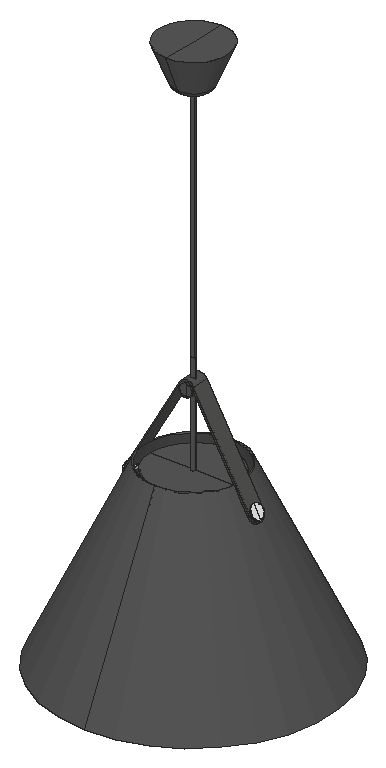
Revit family "Lighting_Pendants_Nordlux_Strap_48", category Lighting Fixtures, host Ceiling, Revit 2017
Family settings
  Host = Ceiling
  Round Connector Dimension = Use Diameter
  Part Type = Normal
  OmniClass Number = 23.80.70.11
  OmniClass Title = Luminaries for Internal Lighting
  Always vertical = Yes
  Cut with Voids When Loaded = No
  Light Source = Yes
  Shared = No
  Room Calculation Point = No
Parameters (values of type "Strap 48 - black with black straps")
  Wattage = 6.7321 W
  WarrantyStartDate [instance] = "n/a"
  WarrantyGuarantorParts = "n/a"
  WarrantyGuarantorLabor = "n/a"
  WarrantyDurationUnit = "Hours"
  WarrantyDurationParts = "n/a"
  WarrantyDurationLabor = "n/a"
  WarrantyDescription = "n/a"
  built-in parameter 1150110 = 1 (stored number, unit not read)
  VersionDate = "01/07/2020"  # constant formula
  Version = "1"  # constant formula
  UsageCurrent = 0 A
  Uniclass2015Reference = "Pr_70_70_48_62"
  Uniclass2015Description = "Pendant  luminaires"
  Uniclass2 = "Pr_70_70_49_86"
  URL = "https://www.nordlux.com/products/product/84353003"
  TotalWattage = 40 W
  built-in parameter 1114217 = 1 (stored number, unit not read)
  Tilt Angle = 90.00°
  built-in parameter 1150109 = 1 (stored number, unit not read)
  built-in parameter 1150134 = (empty or 0)
  TagNumber [instance] = "n/a"
  SustainabilityPerformance = "n/a"
  built-in parameter 1150113 = 1 (stored number, unit not read)
  Socket = "E27"
  Size = "Shade: 480x480x480 mm / Canopy: 120x120x73 mm"
  Shape = "Sculptured"
  SerialNumber [instance] = "n/a"
  Revision = "1"  # constant formula
  ReplacementCost = "n/a"
  ProductInformation = "n/a"
  Product data url = "https://www.bimobject.com/nordlux/product/strap_48_pendant"
  Photometric Web File = "8435 Strap 48 Pendel.ies"
  PhaseReference = "n/a"
  PhaseAngle = 0.00°
  NumberOfSources = 0
  NumberOfPoles = 1
  NominalWidth = NominalDiameter  # 480 mm
  NominalVoltageCalc = 0 V
  NominalVoltage = 230 V
  NominalRadius = NominalDiameter / 2  # 240 mm
  NominalLength = NominalDiameter  # 480 mm
  NominalHeight [instance] = CableLengthControl + 487 mm  # 987 mm
  NominalFrequencyRange = 50 Hz
  NominalDiameter = 480 mm
  NominalCurrent = 0 A
  Name = "Strap_48"  # constant formula
  NBSReference = "90-60-50/405"
  NBSDescription = "General purpose luminaires"
  ModelReference = ArticleNumber  # "84353003"
  ModelNumber = "n/a"
  Model = "Strap 48 - black with black straps"
  Material = "Metal, leather & textile"
  ManufacturersSpecificInformation = "n/a"
  ManufacturerURL = "https://www.nordlux.com/"
  ManufacturerName = "Nordlux"
  Manufacturer = "Nordlux"
  MaintenanceFactor = 0
  Lumens = 1000 lm
  built-in parameter 1150115 = 1 (stored number, unit not read)
  built-in parameter 1150105 = 360.88 (stored number, unit not read)
  LightSource = "Not included"
  LightFixtureTertiaryMaterial = Black leather
  LightFixtureSecondaryMaterial = Black cable
  LightFixtureQuaternaryMaterial = Chrome
  LightFixturePlacingType = "Ceilling"
  LightFixtureMountingType = "Suspended"
  LightFixtureMainMaterial = Black
  built-in parameter 1150137 = (empty or 0)
  built-in parameter 1150139 = (empty or 0)
  LensMaterial = Glass
  built-in parameter 1150112 = 1 (stored number, unit not read)
  built-in parameter 1150114 = 1 (stored number, unit not read)
  InsulationStandardClass = "Class 2 (Double isolated)"
  InstallationDate [instance] = "n/a"
  built-in parameter 1150132 = 2
  built-in parameter 1150102 = (empty or 0)
  built-in parameter 1150138 = (empty or 0)
  built-in parameter 1150107 = 3000 (stored number, unit not read)
  built-in parameter 1150106 = 3.6088 (stored number, unit not read)
  IfcExportType = "NOTDEFINED"  # constant formula
  IfcExportAs = "IfcLightFixtureType"  # constant formula
  IP_Code = "IP20"
  HasProtectiveEarth = no
  Grade = "n/a"
  Finish = "Primary material metal, secondary material leather, textile cable."
  Features = "Textile cable 300cm. Cable can not be replaced."
  ExpectedLife = "n/a"
  EnergyClass = "A++ -D"
  Emit from Circle Diameter = 60 mm
  Emit Shape Visible in Rendering = no
  ElectricalDeviceNominalPower = 0
  built-in parameter 1150104 = 13.8 (stored number, unit not read)
  EANNumber = "5701581338685"
  DurationUnit = "Hours"
  Dimming Lamp Color Temperature Shift = <None>
  Designer = "BJORN + BALLE"
  Description = "Metal and leather go well with the light Nordic style. The combination of these materials also allows the light to visually interact with a modern interior, where combining materials is one of the biggest current trends. With STRAP it seems obvious – just as obvious as how a Nordic light design is named after a leather strap. The narrow and elegant leather gives STRAP both a warm and raw look, which balances between the classic and the industrial. It comes with two leather straps in brown and black respectively, so it's up to you to give the STRAP the final look."
  DefaultElevation = 0 mm
  ConvergoRefNr = "0143-1909-0015-DK"  # constant formula
  Constituents = "n/a"
  Color Filter = 16777215
  Color = "Black"
  Collection = "Strap"
  CodePerformance = "n/a"
  Category = "Indoor lighting"
  CableLengthControl [instance] = if(CableLength < 250 mm, 250 mm, if(CableLength > 3000 mm, 3000 mm, CableLength))  # 500 mm
  CableLength [instance] = 500 mm
  Brand = "Nordlux"
  Barcode [instance] = "n/a"
  built-in parameter 1114218 = 1 (stored number, unit not read)
  BIMObjectName = "Lighting_Pendants_Nordlux_Strap_48"  # constant formula
  Author = "Convergo AB"  # constant formula
  built-in parameter 1150133 = 10 (stored number, unit not read)
  AssetType = "Fixed"
  AssetIdentifier [instance] = "n/a"
  ArticleNumber = "84353003"
  AccessibilityPerformance = "n/a"
Types (8, lengths in mm): name | URL | ModelReference | Model | LightFixtureTertiaryMaterial | LightFixtureSecondaryMaterial | LightFixtureMainMaterial | EANNumber | Color | ArticleNumber
  Strap 48 - black with black straps | "https://www.nordlux.com/products/product/84353003" | "84353003" | "Strap 48 - black with black straps" | Black leather | Black cable | Black | "5701581338685" | "Black" | "84353003"
  Strap 48 - white with black straps | "https://www.nordlux.com/products/product/84353001" | "84353001" | "Strap 48 - white with black straps" | Black leather | White cable | White | "5701581338586" | "White" | "84353001"
  Strap 48 - brushed steel with black straps | "https://www.nordlux.com/products/product/84353032" | "84353032" | "Strap 48 - brushed steel with black straps" | Black leather | Black cable | Brushed steel | "5701581338883" | "Brushed steel" | "84353032"
  Strap 48 - brass with black straps | "https://www.nordlux.com/products/product/84353025" | "84353025" | "Strap 48 - brass with black straps" | Black leather | Black cable | Brass | "5701581358683" | "Brass" | "84353025"
  Strap 48 - black with brown straps | "https://www.nordlux.com/products/product/84353003" | "84353003" | "Strap 48 - black with brown straps" | Brown leather | Black cable | Black | "5701581338685" | "Black" | "84353003"
  Strap 48 - brass with brown straps | "https://www.nordlux.com/products/product/84353025" | "84353025" | "Strap 48 - brass with brown straps" | Brown leather | Black cable | Brass | "5701581358683" | "Brass" | "84353025"
  Strap 48 - brushed steel with brown straps | "https://www.nordlux.com/products/product/84353032" | "84353032" | "Strap 48 - brushed steel with brown straps" | Brown leather | Black cable | Brushed steel | "5701581338883" | "Brushed steel" | "84353032"
  Strap 48 - white with brown straps | "https://www.nordlux.com/products/product/84353001" | "84353001" | "Strap 48 - white with brown straps" | Brown leather | White cable | White | "5701581338586" | "White" | "84353001"
Reference planes
  plane 1 "Light Source Axis (F/B)": y = 0
  plane 2: z = 0
  plane 3 "Light Source Axis (L/R)": x = 0
  plane 4 "Ceiling": z = 4000
  plane 5 "Light Source Elevation": z = 3227.483
  plane 6: x = -240
  plane 7: y = 240
  plane 8: x = 240
  plane 9: y = -240
  plane 10: z = 3500
  plane 11: z = 3013
Forms (mm)
  Extrusion 1, solid, material "Black" <- "LightFixtureMainMaterial", detail levels coarse
    sketch origin (0, 6000, 3013) x (0, 1, 0) y (1, 0, 0)
      loop
        line (-5760, -240) -> (-5760, 240) -> (-6240, 240) -> (-6240, -240) -> (-5760, -240)
    from 0 to -987
Lines and regions (mm)
  symbolic lines
    curve 1: line (3, 0, 4000) -> (-3, 0, 4000)
  symbolic lines, detail levels medium+fine
    curve 2: line (3, 0, 3927) -> (3, 0, 3500)
    curve 3: line (-3, 0, 3927) -> (-3, 0, 3500)
    curve 4: line (0, 3, 3927) -> (0, 3, 3500)
    curve 5: line (0, -3, 3927) -> (0, -3, 3500)
Dimensions and locks
  equal spacing: host sketch curve, plane 3 "Light Source Axis (L/R)", host sketch curve
  equal spacing: host sketch curve, plane 1 "Light Source Axis (F/B)", host sketch curve
  host sketch curve to host sketch curve = 4000 mm  (x2)
  locked: plane 4 "Ceiling" to host ceiling at 0
  equal spacing: plane 9, plane 1 "Light Source Axis (F/B)", plane 7
  "NominalDiameter": plane 7 to plane 9
  equal spacing: plane 6, plane 3 "Light Source Axis (L/R)", plane 8
  "NominalDiameter": plane 6 to plane 8
  "CableLengthControl": plane 10 to plane 4 "Ceiling"
  locked: plane 11 to plane 5 "Light Source Elevation" at 214.483
  "NominalHeight": plane 11 to plane 4 "Ceiling"
  aligned and locked: plane 3 "Light Source Axis (L/R)" to imposter light
  aligned and locked: plane 1 "Light Source Axis (F/B)" to imposter light
  aligned and locked: plane 5 "Light Source Elevation" to imposter light
  aligned and locked: plane 4 "Ceiling" to curve 1  (x2)
  aligned and locked: Extrusion 1 sketch curve to plane 7
  aligned and locked: Extrusion 1 sketch curve to plane 6
  aligned and locked: Extrusion 1 sketch curve to plane 9
  aligned and locked: Extrusion 1 sketch curve to plane 8
  aligned and locked: Extrusion 1 to plane 4 "Ceiling"
  aligned and locked: curve 2 to nested 2
  aligned and locked: curve 3 to nested 2
  aligned and locked: plane 10 to curve 2
  aligned and locked: plane 10 to curve 3
  aligned and locked: curve 4 to nested 2
  aligned and locked: curve 5 to nested 2
  aligned and locked: plane 10 to curve 5
  aligned and locked: plane 10 to curve 4
  aligned and locked: nested 2 to plane 4 "Ceiling"
  aligned and locked: plane 3 "Light Source Axis (L/R)" to nested 1
  aligned and locked: nested 1 to plane 11
Automatic sketch dimensions
  curve 1 to plane 3 "Light Source Axis (L/R)" = 3 mm
  curve 3 to plane 3 "Light Source Axis (L/R)" = 3 mm
  plane 3 "Light Source Axis (L/R)" to curve 2 = 3 mm
  plane 3 "Light Source Axis (L/R)" to curve 1 = 3 mm
  plane 1 "Light Source Axis (F/B)" to curve 5 = 3 mm
  curve 4 to plane 1 "Light Source Axis (F/B)" = 3 mm
Nested families
  nested 1: "Strap_48" at (0, 0, 3013.001), Metal <- "LightFixtureMainMaterial", Glass <- "LensMaterial", Nuts <- "LightFixtureQuaternaryMaterial", Strap <- "LightFixtureTertiaryMaterial", type "Strap_48"
    with Strap Black leather, Nuts Chrome, Metal Black, Glass Glass
  nested 2: "CeillingCap" at (0, 0, 4000) x (1, 0, 0) z (0, 0, -1), Cable <- "LightFixtureSecondaryMaterial", Metal <- "LightFixtureMainMaterial", CableLength <- "CableLengthControl", type "CeillingCap"
    with Metal Black, CableLength 500 mm, Cable Black cable
Connectors
  electrical at (0, 0, 4000), driven by "NumberOfPoles", driven by "NominalVoltage"
    settings: on nested 2, index 1, voltage 230 V, apparent load 0 VA, apparent load phase1 0 VA, apparent load phase2 0 VA, apparent load phase3 0 VA, power factor 1, load classification "Other", number of poles 1, system type 31, power factor state 1, is connector primary yes, connector utility no, sub classification motor no, connector description ""
Definition of nested family "Strap_48"
  Parameters (values of type "Strap_48")
    Strap [instance] = none
    Nuts [instance] = none
    Metal [instance] = none
    Glass [instance] = none
  Reference planes
    plane 1 "Center (Front/Back)": y = 0
    plane 2: z = 0
    plane 3 "Center (Left/Right)": x = 0
    plane 4: z = 364.451
    plane 5: z = 487.033
    plane 6: z = 214.482
  Forms (mm)
    Revolve 1, solid, material <- "Metal", detail levels medium+fine
      sketch origin (0, 0, 0) x (0, 1, 0) y (0, 0, 1)
        loop
          arc (239.729, 0.761) -> (167.407, 162.65) -> (85.704, 320.014) r 3018.174
          line (85.704, 320.014) -> (83.957, 319.04)
          arc (83.957, 319.04) -> (165.606, 161.781) -> (237.879, -0.001) r 3016.174
          line (237.879, -0.001) -> (239.729, 0.761)
        axis (0, 320.014) -> (0, -0.001)
      angle from 0 to 360
    Revolve 2, solid, material <- "Glass", detail levels medium+fine
      sketch origin (0, 0, 183.69) x (0, 1, 0) y (0, 0, 1)
        loop
          line (0, 30.793) -> (25, 30.793) -> (25, 32.793) -> (22.5, 32.793) -> (22.5, 39.96)
          arc (22.5, 39.96) -> (19.463, 53.223) -> (10.957, 63.843) r 30.481
          line (10.957, 63.843) -> (10.957, 72.746) -> (0, 72.746) -> (0, 30.793)
        axis (0, 72.746) -> (0, 30.793)
      angle from 0 to 360
    Revolve 3, solid, material <- "Metal", detail levels medium+fine
      sketch origin (0, 0, 0) x (1, 0, 0) y (0, 0, 1)
        loop
          line (-20.402, 280.37) -> (-19.086, 237.517) -> (-10.957, 237.517) -> (-10.957, 244.868) -> (0, 244.868) -> (0, 487.033) -> (-4, 487.033) -> (-4, 309.033) -> (-75.083, 309.033) -> (-75.083, 306.069) -> (-12.069, 306.069) -> (-12.069, 296.069) -> (-10.953, 296.069) -> (-10.953, 292.699) -> (-19.083, 290.264) -> (-19.083, 287.796) -> (-16.998, 287.796) -> (-16.998, 280.37) -> (-20.402, 280.37)
        axis (0, 237.517) -> (0, 487.033)
      angle from 0 to 360
    Extrusion 4, solid, material <- "Strap", detail levels medium+fine
      sketch origin (0, 0, 0) x (1, 0, 0) y (0, 0, 1)
        loop
          arc (-10.183, 448.056) -> (0, 453.707) -> (10.183, 448.056) r 12
          arc (10.183, 448.056) -> (64.683, 357.129) -> (115.956, 264.343) r 3018.174
          line (115.956, 264.343) -> (118.607, 265.748)
          arc (118.607, 265.748) -> (67.283, 358.626) -> (12.729, 449.644) r 3021.174
          arc (12.729, 449.644) -> (0, 456.707) -> (-12.729, 449.644) r 15
          arc (-12.729, 449.644) -> (-67.283, 358.626) -> (-118.607, 265.748) r 3021.174
          line (-118.607, 265.748) -> (-115.956, 264.343)
          arc (-115.956, 264.343) -> (-64.683, 357.129) -> (-10.183, 448.056) r 3018.174
      from -15 to 15
    Sweep 5, void
      path in 3D
        loop
          line (-119.491, -15, 266.216) -> (-115.073, -15, 263.875)
      profile origin (-117.282, -15, 265.046) x (0.468219, 0, 0.883612) y (0, -1, 0)
        loop
          line (-1, 0) -> (-1, -30) -> (15, -30)
          arc (15, -30) -> (0, -15) -> (15, 0) r 15
          line (15, 0) -> (-1, 0)
    Revolve 6, solid, material <- "Nuts", detail levels medium+fine
      sketch origin (0, 0, 0) x (1, 0, 0) y (0, 0, 1)
        loop
          line (-113.347, 280.954) -> (-102.456, 275.005) -> (-98.849, 281.609)
          arc (-98.849, 281.609) -> (-98.808, 281.99) -> (-99.048, 282.288) r 0.5
          line (-99.048, 282.288) -> (-101.145, 283.433) -> (-100.199, 285.166) -> (-101.016, 285.613)
          arc (-101.016, 285.613) -> (-103.484, 282.431) -> (-105.532, 278.964) r 31.869
          line (-105.532, 278.964) -> (-110.121, 281.47) -> (-104.86, 291.103) -> (-106.689, 292.101)
          arc (-106.689, 292.101) -> (-107.069, 292.142) -> (-107.367, 291.902) r 0.5
          line (-107.367, 291.902) -> (-113.347, 280.954)
        axis (-113.347, 280.954) -> (-102.456, 275.005)
      angle from 0 to 360
    Revolve 7, solid, material <- "Metal", detail levels medium+fine
      sketch origin (0, 0, 0) x (0, 1, 0) y (0, 0, 1)
        loop
          line (17, 442.033) -> (17, 453.207)
          arc (17, 453.207) -> (16.854, 453.561) -> (16.5, 453.707) r 0.5
          line (16.5, 453.707) -> (-16.5, 453.707)
          arc (-16.5, 453.707) -> (-16.854, 453.561) -> (-17, 453.207) r 0.5
          line (-17, 453.207) -> (-17, 442.033) -> (17, 442.033)
        axis (-17, 442.033) -> (17, 442.033)
      angle from 0 to 360
    Sweep 8, void
      path in 3D
        loop
          line (119.491, 15, 266.216) -> (115.073, 15, 263.875)
      profile origin (117.282, 15, 265.046) x (-0.468219, 0, 0.883612) y (0, 1, 0)
        loop
          line (-1, 0) -> (-1, -30) -> (15, -30)
          arc (15, -30) -> (0, -15) -> (15, 0) r 15
          line (15, 0) -> (-1, 0)
    Revolve 9, solid, material <- "Nuts", detail levels medium+fine
      sketch origin (0, 0, 0) x (-1, 0, 0) y (0, 0, 1)
        loop
          line (-113.347, 280.954) -> (-102.456, 275.005) -> (-98.849, 281.609)
          arc (-98.849, 281.609) -> (-98.808, 281.99) -> (-99.048, 282.288) r 0.5
          line (-99.048, 282.288) -> (-101.145, 283.433) -> (-100.199, 285.166) -> (-101.016, 285.613)
          arc (-101.016, 285.613) -> (-103.484, 282.431) -> (-105.532, 278.964) r 31.869
          line (-105.532, 278.964) -> (-110.121, 281.47) -> (-104.86, 291.103) -> (-106.689, 292.101)
          arc (-106.689, 292.101) -> (-107.069, 292.142) -> (-107.367, 291.902) r 0.5
          line (-107.367, 291.902) -> (-113.347, 280.954)
        axis (-113.347, 280.954) -> (-102.456, 275.005)
      angle from 0 to 360
  Cuts and joins
    Sweep 5, Sweep 8 cuts Extrusion 4
    joined: Revolve 1, Revolve 3, Revolve 7
    joined: Revolve 6, Revolve 9
  Lines and regions (mm)
    symbolic lines, detail levels medium+fine
      curve 1: line (0, 15, 320.014) -> (0, 85.704, 320.014)
      curve 3: line (0, 15, 430.371) -> (0, 16.5, 430.371)
      curve 4: line (0, 15, 453.741) -> (0, 16.5, 453.741)
      curve 5: line (0, 17, 453.241) -> (0, 17, 430.871)
      curve 6: arc (0, 16.5, 453.741) -> (0, 16.854, 453.594) -> (0, 17, 453.241) r 0.5
      curve 7: arc (0, 17, 430.871) -> (0, 16.854, 430.517) -> (0, 16.5, 430.371) r 0.5
      curve 8: line (0, 15, 453.741) -> (0, 15, 456.741)
      curve 10: line (0, 15, 456.741) -> (0, 4, 456.741)
      curve 11: line (0, 4, 487.033) -> (0, 4, 456.741)
      curve 12: line (0, 4, 487.033) -> (0, 3, 487.033)
      curve 15: line (0, 15, 320.014) -> (0, 15, 430.371)
      curve 18: line (-237.879, 0, -0.001) -> (0, 0, -0.001)
      curve 20: line (-239.729, 0, 0.761) -> (-237.879, 0, -0.001)
      curve 22: line (-117.252, 0, 268.302) -> (-119.135, 0, 269.33)
      curve 23: line (-106.692, 0, 292.113) -> (-104.977, 0, 291.176)
      curve 24: line (-107.37, 0, 291.914) -> (-119.334, 0, 270.009)
      curve 25: arc (-119.334, 0, 270.009) -> (-119.375, 0, 269.628) -> (-119.135, 0, 269.33) r 0.5
      curve 26: arc (-107.37, 0, 291.914) -> (-107.072, 0, 292.154) -> (-106.692, 0, 292.113) r 0.5
      curve 27: arc (-12.729, 0, 449.644) -> (-60.055, 0, 371.11) -> (-104.977, 0, 291.176) r 3021.174
      curve 29: line (-118.607, 0, 265.748) -> (-115.956, 0, 264.343)
      curve 30: arc (-115.956, 0, 264.343) -> (-181.023, 0, 134.046) -> (-239.729, 0, 0.761) r 3018.174
      curve 36: line (-4, 0, 487.033) -> (-3, 0, 487.033)
      curve 38: line (-4, 0, 487.033) -> (-4, 0, 456.164)
      curve 40: arc (-117.252, 0, 268.302) -> (-117.93, 0, 267.025) -> (-118.607, 0, 265.748) r 3021.174
      curve 41: arc (-4, 0, 456.164) -> (-8.977, 0, 453.724) -> (-12.729, 0, 449.644) r 15
      curve 42: line (237.879, 0, -0.001) -> (0, 0, -0.001)
      curve 44: line (239.729, 0, 0.761) -> (237.879, 0, -0.001)
      curve 46: line (117.252, 0, 268.302) -> (119.135, 0, 269.33)
      curve 47: line (106.692, 0, 292.113) -> (104.977, 0, 291.176)
      curve 48: line (107.37, 0, 291.914) -> (119.334, 0, 270.009)
      curve 49: arc (119.334, 0, 270.009) -> (119.375, 0, 269.628) -> (119.135, 0, 269.33) r 0.5
      curve 50: arc (107.37, 0, 291.914) -> (107.072, 0, 292.154) -> (106.692, 0, 292.113) r 0.5
      curve 51: arc (12.729, 0, 449.644) -> (60.055, 0, 371.11) -> (104.977, 0, 291.176) r 3021.174
      curve 53: line (118.607, 0, 265.748) -> (115.956, 0, 264.343)
      curve 54: arc (115.956, 0, 264.343) -> (181.023, 0, 134.046) -> (239.729, 0, 0.761) r 3018.174
      curve 59: line (4, 0, 487.033) -> (3, 0, 487.033)
      curve 61: line (4, 0, 487.033) -> (4, 0, 456.164)
      curve 63: arc (117.252, 0, 268.302) -> (117.93, 0, 267.025) -> (118.607, 0, 265.748) r 3021.174
      curve 64: arc (4, 0, 456.164) -> (8.977, 0, 453.724) -> (12.729, 0, 449.644) r 15
      curve 70: arc (0, 239.729, 0.761) -> (0, 167.407, 162.65) -> (0, 85.704, 320.014) r 3018.174
      curve 71: line (0, 237.879, -0.001) -> (0, 239.729, 0.761)
      curve 72: line (0, 0, -0.001) -> (0, 237.879, -0.001)
      curve 73: line (0, -15, 320.014) -> (0, -85.704, 320.014)
      curve 75: line (0, -15, 430.371) -> (0, -16.5, 430.371)
      curve 76: line (0, -15, 453.741) -> (0, -16.5, 453.741)
      curve 77: line (0, -17, 453.241) -> (0, -17, 430.871)
      curve 78: arc (0, -16.5, 453.741) -> (0, -16.854, 453.594) -> (0, -17, 453.241) r 0.5
      curve 79: arc (0, -17, 430.871) -> (0, -16.854, 430.517) -> (0, -16.5, 430.371) r 0.5
      curve 80: line (0, -15, 453.741) -> (0, -15, 456.741)
      curve 82: line (0, -15, 456.741) -> (0, -4, 456.741)
      curve 83: line (0, -4, 487.033) -> (0, -4, 456.741)
      curve 84: line (0, -4, 487.033) -> (0, -3, 487.033)
      curve 87: line (0, -15, 320.014) -> (0, -15, 430.371)
      curve 93: arc (0, -239.729, 0.761) -> (0, -167.407, 162.65) -> (0, -85.704, 320.014) r 3018.174
      curve 94: line (0, -237.879, -0.001) -> (0, -239.729, 0.761)
      curve 95: line (0, 0, -0.001) -> (0, -237.879, -0.001)
      curve 96: circle (0, 0, 0) r 239.729 normal (0, 0, 1)
    symbolic lines, detail levels fine
      curve 2: line (0, 15, 277.58) -> (0, 15, 320.014)
      curve 9: line (0, 15, 430.371) -> (0, 15, 453.741)
      curve 13: line (0, 3, 487.033) -> (0, 0, 487.033)
      curve 14: arc (0, 4, 456.741) -> (0, 2.071, 455.941) -> (0, 0, 455.669) r 8
      curve 19: arc (-85.704, 0, 320.014) -> (-100.976, 0, 292.258) -> (-115.956, 0, 264.343) r 3018.174
      curve 21: spline (-117.26, 0, 268.306) -> (-117.471, 0, 267.91) -> (-117.665, 0, 267.544) -> (-117.842, 0, 267.21) -> (-118.002, 0, 266.909) -> (-118.144, 0, 266.64) -> (-118.267, 0, 266.406) -> (-118.372, 0, 266.207) -> (-118.457, 0, 266.043) -> (-118.524, 0, 265.915) -> (-118.571, 0, 265.823) -> (-118.599, 0, 265.767) -> (-118.607, 0, 265.748)
      curve 28: arc (-104.977, 0, 291.176) -> (-111.139, 0, 279.752) -> (-117.252, 0, 268.302) r 3021.174
      curve 31: arc (-85.704, 0, 320.014) -> (-48.661, 0, 384.62) -> (-10.036, 0, 448.292) r 3018.174
      curve 32: line (0, 0, 320.014) -> (-85.704, 0, 320.014)
      curve 33: line (-4, 0, 320.014) -> (-4, 0, 431.066)
      curve 34: circle (0, 0, 442.033) r 11.674 normal (0, -1, 0)
      curve 35: arc (0, 0, 456.707) -> (-2.018, 0, 456.571) -> (-4, 0, 456.164) r 15
      curve 37: line (-3, 0, 487.033) -> (0, 0, 487.033)
      curve 39: arc (-10.183, 0, 448.056) -> (-5.823, 0, 452.2) -> (0, 0, 453.707) r 12
      curve 43: arc (85.704, 0, 320.014) -> (100.976, 0, 292.258) -> (115.956, 0, 264.343) r 3018.174
      curve 45: spline (117.26, 0, 268.306) -> (117.471, 0, 267.91) -> (117.665, 0, 267.544) -> (117.842, 0, 267.21) -> (118.002, 0, 266.909) -> (118.144, 0, 266.64) -> (118.267, 0, 266.406) -> (118.372, 0, 266.207) -> (118.457, 0, 266.043) -> (118.524, 0, 265.915) -> (118.571, 0, 265.823) -> (118.599, 0, 265.767) -> (118.607, 0, 265.748)
      curve 52: arc (104.977, 0, 291.176) -> (111.139, 0, 279.752) -> (117.252, 0, 268.302) r 3021.174
      curve 55: arc (85.704, 0, 320.014) -> (48.661, 0, 384.62) -> (10.036, 0, 448.292) r 3018.174
      curve 56: line (0, 0, 320.014) -> (85.704, 0, 320.014)
      curve 57: line (4, 0, 320.014) -> (4, 0, 431.066)
      curve 58: arc (0, 0, 456.707) -> (2.018, 0, 456.571) -> (4, 0, 456.164) r 15
      curve 60: line (3, 0, 487.033) -> (0, 0, 487.033)
      curve 62: arc (10.183, 0, 448.056) -> (5.823, 0, 452.2) -> (0, 0, 453.707) r 12
      curve 65: spline (0, 0, 264.343) -> (0, 1.958, 264.456) -> (0, 3.882, 264.794) -> (0, 5.74, 265.351) -> (0, 7.5, 266.117) -> (0, 9.131, 267.078) -> (0, 10.607, 268.22) -> (0, 11.9, 269.522) -> (0, 12.99, 270.962) -> (0, 13.858, 272.514) -> (0, 14.489, 274.154) -> (0, 14.872, 275.852) -> (0, 15, 277.58)
      curve 66: spline (0, 15, 278.993) -> (0, 14.873, 277.267) -> (0, 14.491, 275.57) -> (0, 13.861, 273.931) -> (0, 12.994, 272.378) -> (0, 11.904, 270.938) -> (0, 10.61, 269.635) -> (0, 9.135, 268.492) -> (0, 7.503, 267.529) -> (0, 5.743, 266.762) -> (0, 3.884, 266.203) -> (0, 1.959, 265.863) -> (0, 0, 265.748)
      curve 67: spline (0, 0, 268.328) -> (0, 1.694, 268.425) -> (0, 3.358, 268.716) -> (0, 4.965, 269.195) -> (0, 6.488, 269.853) -> (0, 7.899, 270.681) -> (0, 9.175, 271.663) -> (0, 10.294, 272.783) -> (0, 11.237, 274.021) -> (0, 11.988, 275.357) -> (0, 12.533, 276.768) -> (0, 12.864, 278.229) -> (0, 12.975, 279.715)
      curve 68: line (0, 12.975, 279.715) -> (0, 12.975, 280.715)
      curve 69: spline (0, 0, 292.103) -> (0, 1.694, 292.005) -> (0, 3.358, 291.715) -> (0, 4.965, 291.236) -> (0, 6.488, 290.577) -> (0, 7.899, 289.749) -> (0, 9.175, 288.767) -> (0, 10.294, 287.647) -> (0, 11.237, 286.409) -> (0, 11.988, 285.073) -> (0, 12.533, 283.662) -> (0, 12.864, 282.202) -> (0, 12.975, 280.715)
      curve 74: line (0, -15, 277.58) -> (0, -15, 320.014)
      curve 81: line (0, -15, 430.371) -> (0, -15, 453.741)
      curve 85: line (0, -3, 487.033) -> (0, 0, 487.033)
      curve 86: arc (0, -4, 456.741) -> (0, -2.071, 455.941) -> (0, 0, 455.669) r 8
      curve 88: spline (0, 0, 264.343) -> (0, -1.958, 264.456) -> (0, -3.882, 264.794) -> (0, -5.74, 265.351) -> (0, -7.5, 266.117) -> (0, -9.131, 267.078) -> (0, -10.607, 268.22) -> (0, -11.9, 269.522) -> (0, -12.99, 270.962) -> (0, -13.858, 272.514) -> (0, -14.489, 274.154) -> (0, -14.872, 275.852) -> (0, -15, 277.58)
      curve 89: spline (0, -15, 278.993) -> (0, -14.873, 277.267) -> (0, -14.491, 275.57) -> (0, -13.861, 273.931) -> (0, -12.994, 272.378) -> (0, -11.904, 270.938) -> (0, -10.61, 269.635) -> (0, -9.135, 268.492) -> (0, -7.503, 267.529) -> (0, -5.743, 266.762) -> (0, -3.884, 266.203) -> (0, -1.959, 265.863) -> (0, 0, 265.748)
      curve 90: spline (0, 0, 268.328) -> (0, -1.694, 268.425) -> (0, -3.358, 268.716) -> (0, -4.965, 269.195) -> (0, -6.488, 269.853) -> (0, -7.899, 270.681) -> (0, -9.175, 271.663) -> (0, -10.294, 272.783) -> (0, -11.237, 274.021) -> (0, -11.988, 275.357) -> (0, -12.533, 276.768) -> (0, -12.864, 278.229) -> (0, -12.975, 279.715)
      curve 91: line (0, -12.975, 279.715) -> (0, -12.975, 280.715)
      curve 92: spline (0, 0, 292.103) -> (0, -1.694, 292.005) -> (0, -3.358, 291.715) -> (0, -4.965, 291.236) -> (0, -6.488, 290.577) -> (0, -7.899, 289.749) -> (0, -9.175, 288.767) -> (0, -10.294, 287.647) -> (0, -11.237, 286.409) -> (0, -11.988, 285.073) -> (0, -12.533, 283.662) -> (0, -12.864, 282.202) -> (0, -12.975, 280.715)
      curve 97: circle (0, 0, 0) r 237.879 normal (0, 0, 1)
      curve 98: circle (0, 0, 0) r 83.957 normal (0, 0, 1)
      curve 99: circle (0, 0, 0) r 75.083 normal (0, 0, 1)
      curve 100: line (-82.606, 15, 0) -> (-73.57, 15, 0)
      curve 101: line (-82.606, -15, 0) -> (-73.57, -15, 0)
      curve 102: line (82.606, 15, 0) -> (73.57, 15, 0)
      curve 103: line (82.606, -15, 0) -> (73.57, -15, 0)
    sketch lines
      curve 16: line (119.491, 15, 266.216) -> (115.073, 15, 263.875)
      curve 17: line (-119.491, -15, 266.216) -> (-115.073, -15, 263.875)
  Dimensions and locks
    aligned and locked: level to plane 2
Definition of nested family "CeillingCap"
  Parameters (values of type "CeillingCap")
    Metal [instance] = none
    Default Elevation = 1219.2 mm
    CableLength [instance] = 250 mm
    Cable [instance] = none
  Reference planes
    plane 1 "Center (Front/Back)": y = 0
    plane 2: z = 0
    plane 3 "Center (Left/Right)": x = 0
  Forms (mm)
    Revolve 1, solid, material <- "Metal", detail levels medium+fine
      sketch origin (0, 0, 0) x (0, 1, 0) y (0, 0, 1)
        loop
          line (0, 0) -> (60, 0) -> (33.516, 63.754)
          arc (33.516, 63.754) -> (20.044, 72.995) -> (6.121, 64.449) r 15
          line (6.121, 64.449) -> (0, 64.449) -> (0, 0)
        axis (0, 64.449) -> (0, 0)
      angle from 0 to 360
    Extrusion 2, solid, material <- "Cable", detail levels medium+fine
      sketch origin (0, 0, 0) x (1, 0, 0) y (0, 1, 0)
        loop
          circle (0, 0) r 3
      from 10 to 250 <- "CableLength"
  Lines and regions (mm)
    symbolic lines, detail levels medium+fine
      curve 1: line (0, 0, 0) -> (-60, 0, 0)
      curve 2: line (-33.516, 0, 63.754) -> (-60, 0, 0)
      curve 3: arc (-19.664, 0, 73) -> (-27.991, 0, 70.476) -> (-33.516, 0, 63.754) r 15
      curve 4: line (-3, 0, 73) -> (-19.664, 0, 73)
      curve 6: line (0, 0, 0) -> (60, 0, 0)
      curve 7: line (33.516, 0, 63.754) -> (60, 0, 0)
      curve 8: arc (19.664, 0, 73) -> (27.991, 0, 70.476) -> (33.516, 0, 63.754) r 15
      curve 9: line (3, 0, 73) -> (19.664, 0, 73)
      curve 11: line (0, 60, 0) -> (0, 0, 0)
      curve 12: line (0, 60, 0) -> (0, 33.516, 63.754)
      curve 13: arc (0, 33.516, 63.754) -> (0, 27.991, 70.476) -> (0, 19.664, 73) r 15
      curve 14: line (0, 3, 73) -> (0, 19.664, 73)
      curve 16: line (0, -60, 0) -> (0, 0, 0)
      curve 17: line (0, -60, 0) -> (0, -33.516, 63.754)
      curve 18: arc (0, -33.516, 63.754) -> (0, -27.991, 70.476) -> (0, -19.664, 73) r 15
      curve 19: line (0, -3, 73) -> (0, -19.664, 73)
    symbolic lines, detail levels fine
      curve 5: line (0, 0, 73) -> (-3, 0, 73)
      curve 10: line (0, 0, 73) -> (3, 0, 73)
      curve 15: line (0, 0, 73) -> (0, 3, 73)
      curve 20: line (0, 0, 73) -> (0, -3, 73)
  Dimensions and locks
    aligned and locked: level to plane 2
